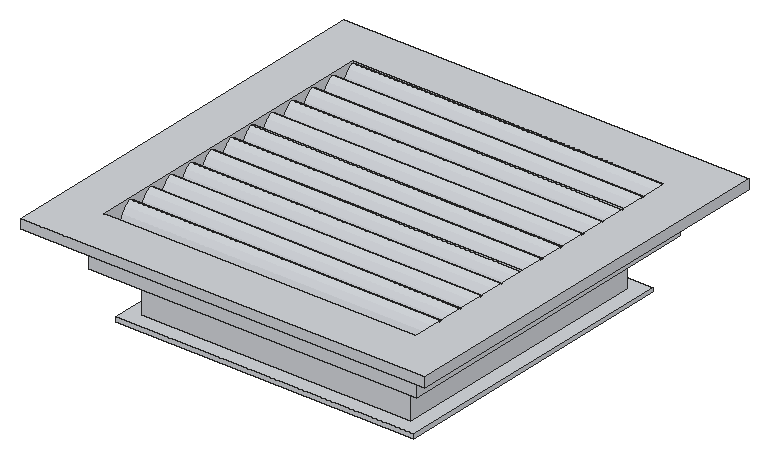
Revit family "E-1", category Air Terminals, host Face, Revit 2025
Family settings
  Host = Face
  Round Connector Dimension = Use Diameter
  Part Type = Normal
  Cut with Voids When Loaded = Yes
  Maintain Annotation Orientation = No
  Shared = No
  Room Calculation Point = No
Parameters (values of type "23RL")
  x = [S - 1 3/4"] - 1"  # 9 1/4"
  URL = "https://www.titus-hvac.com/products/Grilles/23RL"
  Type Comments = ""
  S - 3/4" = ([S - 1 3/4"] - 3/4") / 2  # 4 3/4"
  S = 12"
  Model = "23RL"
  Manufacturer = "TITUS"
  Flow [instance] = 1200 CFM
  D' [instance] = D / 2  # 4"
  S - 1/2" = ([S - 1 3/4"] - 1/2") / 2  # 4 7/8"
  S + 1 3/4" = ([S - 1 3/4"] + 1 3/4") / 2  # 6"
  S - 1 3/4" = S - 1 3/4"  # 10 1/4"
  Default Elevation = 48"
  D [instance] = 8"
  Blade Count = rounddown([S - 1 3/4"] / (3/4")) - 1  # 12
Reference planes (in)
  plane 1 "Center (Front/Back)": y = 0
  plane 2: z = 0
  plane 3 "Center (Left/Right)": x = 0
  plane 4: y = 4.625
  plane 5: y = -4.625
  plane 6: x = 0
  plane 7: y = 0
  plane 8: x = -4.625
  plane 9: x = 4.625
Forms (in)
  Sweep 1, solid, detail levels medium+fine
    path origin (0, 0, 0) x (1, 0, 0) y (0, 1, 0)
      loop
        line (-5.125, 5.125) -> (-5.125, -5.125) -> (5.125, -5.125) -> (5.125, 5.125) -> (-5.125, 5.125)
    profile origin (0, 5.125, 0) x (0, 1, 0) y (0, 0, 1)
      loop
        line (-0.5, 0.125) -> (-0.5, -1.125) -> (-0.375, -1.125) -> (-0.375, 0) -> (0.75, 0) -> (0.75, -0.15671) -> (0.875, -0.15671) -> (0.875, 0.125) -> (-0.5, 0.125)
      loop
        line (-0.33748, -0.875) -> (-0.33748, -1.17973) -> (-1.25, -1.17973) -> (-1.25, -2.75) -> (-0.69819, -2.75) -> (-0.69819, -2.625) -> (-1.125, -2.625) -> (-1.125, -1.30473) -> (-0.25, -1.30473) -> (-0.25, -0.875) -> (-0.33748, -0.875)
  Extrusion 2, void
    sketch origin (0, 0, 0) x (1, 0, 0) y (0, 1, 0)
      loop
        line (-4.625, 4.625) -> (-4.625, -4.625) -> (4.625, -4.625) -> (4.625, 4.625) -> (-4.625, 4.625)
    from -0.875 to 0.37471
Lines and regions (in)
  symbolic lines, not visible
    curve 1: line (-18.4983, 15.79612, 0) -> (19.7517, 15.79612, 0)
    curve 2: line (-18.4983, -20.95388, 0) -> (-18.4983, 15.79612, 0)
    curve 3: line (19.7517, -20.95388, 0) -> (-18.4983, -20.95388, 0)
    curve 4: line (19.7517, 15.79612, 0) -> (19.7517, -20.95388, 0)
Dimensions and locks (in)
  equal spacing: Sweep 1 sketch curve, plane 3 "Center (Left/Right)", Sweep 1 sketch curve
  equal spacing: Sweep 1 sketch curve, plane 1 "Center (Front/Back)", Sweep 1 sketch curve
  "S - 1 3/4"": Sweep 1 sketch curve to Sweep 1 sketch curve  (x2)
  "S - 3/4"": plane 1 "Center (Front/Back)" to Sweep 1 sketch curve
  "S - 1/2"": plane 1 "Center (Front/Back)" to Sweep 1 sketch curve
  "S + 1 3/4"": plane 1 "Center (Front/Back)" to Sweep 1 sketch curve
  Sweep 1 sketch curve to plane 2 = 1 1/8"
  Sweep 1 sketch curve to Sweep 1 sketch curve = 2 7/8"
  "D'": plane 1 "Center (Front/Back)" to Sweep 1 sketch curve
  Sweep 1 sketch curve to Sweep 1 sketch curve = 1/8"  (x5)
  Sweep 1 sketch curve to Sweep 1 sketch curve = 0.28171"
  equal spacing: plane 5, plane 1 "Center (Front/Back)", plane 4
  "x": plane 5 to plane 4
  equal spacing: plane 8, plane 3 "Center (Left/Right)", plane 9
  aligned and locked: plane 2 to host face
  aligned and locked: level to host face
  aligned and locked: nested 1 to plane 4
  aligned and locked: plane 5 to nested 1
  aligned and locked: plane 1 "Center (Front/Back)" to nested 2
  aligned and locked: plane 5 to Extrusion 2
  aligned and locked: plane 4 to Extrusion 2
  aligned and locked: plane 9 to Sweep 1
  aligned and locked: Extrusion 2 to plane 8
  aligned and locked: Extrusion 2 to plane 9
Automatic sketch dimensions
  host sketch curve to host sketch curve = 96"  (x2)
  Extrusion 2 sketch curve to plane 3 "Center (Left/Right)" = 4 5/8"
  plane 3 "Center (Left/Right)" to Extrusion 2 sketch curve = 4 5/8"
  plane 1 "Center (Front/Back)" to Extrusion 2 sketch curve = 4 5/8"
  Extrusion 2 sketch curve to plane 1 "Center (Front/Back)" = 4 5/8"
  Sweep 1 sketch curve to level = 0"
  Sweep 1 sketch curve to Sweep 1 sketch curve = 0.42681"
  Sweep 1 sketch curve to Sweep 1 sketch curve = 0.08748"
  Sweep 1 sketch curve to Sweep 1 sketch curve = 1/8"
  Sweep 1 sketch curve to level = 1.30473"
  Sweep 1 sketch curve to Sweep 1 sketch curve = 1/4"
Nested families (in)
  nested 1: "Blades" at (0, 4.625, -0.88439) x (0, -1, 0) z (0, 0, 1), type "Family2", detail levels medium+fine
    with Width 9 1/4", built-in parameter 1001306 0.77083 (stored number, unit not read), Count 12
  nested 2: "Family4" at (0, 0, 0), type "Family4", detail levels coarse
    with Size 12"
Connectors (in)
  hvac at (0, 0, -2.75), driven by "D", driven by "D", driven by "Flow"
    settings: on Sweep 1, index 1, duct flow 1200 CFM, flow factor 0, pres drop 0.00 in-wg, loss coef 0, conn angle 0.00°, conn width 8", conn height 8", conn diameter 24", duct sys type 2, conn prof type 1, flow config 1, flow direction 1, loss method 4, conn ref index -1, conn util no, is conn primary yes, conn desc ""
Definition of nested family "Blades"
  Parameters (values of type "Family2")
    Width [instance] = 27.05847"
    built-in parameter 1001306 [instance] = Width  # 27.05847"
    Default Elevation = 0"
    Count [instance] = round([built-in parameter 1001306] / (3/4"))  # 36
  Reference planes (in)
    plane 1 "Center (Front/Back)": y = 0
    plane 2: z = 0
    plane 3 "Left": x = 0
    plane 4 "Right": x = 27.05847
    plane 5: x = 27.05847
  Lines and regions (in)
    reference lines
      curve 1: line (0, 0, 0) -> (27.05847, 0, 0)
  Dimensions and locks (in)
    "built-in parameter 1001306": plane 3 "Left" to plane 4 "Right"
    equal spacing: group 1, group 2, group 3, group 4, group 5, group 6, group 7, group 8, group 9, group 10, group 11, group 12, group 13, group 14, group 15, group 16, group 17, group 18, group 19, group 20, group 21, group 22, group 23, group 24, group 25, group 26, group 27, group 28, group 29, group 30, group 31, group 32, group 33, group 34, group 35, group 36  (x3)
    aligned and locked: plane 4 "Right" to curve 1
    aligned and locked: plane 1 "Center (Front/Back)" to curve 1
    aligned and locked: plane 3 "Left" to curve 1
    aligned and locked: level to plane 2
    aligned and locked: plane 5 to plane 4 "Right"
  Nested families (in)
    nested 1: "Family3" at (0, 0, 0) x (0, 1, 0) z (0, 0, 1), type "Family3"
      with Width 27.05847"
    nested 2: "Family3" at (0.75, 0, 0) x (0, 1, 0) z (0, 0, 1), type "Family3"
      with Width 27.05847"
    nested 3: "Family3" at (1.5, 0, 0) x (0, 1, 0) z (0, 0, 1), type "Family3"
      with Width 27.05847"
    nested 4: "Family3" at (2.25, 0, 0) x (0, 1, 0) z (0, 0, 1), type "Family3"
      with Width 27.05847"
    nested 5: "Family3" at (3, 0, 0) x (0, 1, 0) z (0, 0, 1), type "Family3"
      with Width 27.05847"
    nested 6: "Family3" at (3.75, 0, 0) x (0, 1, 0) z (0, 0, 1), type "Family3"
      with Width 27.05847"
    nested 7: "Family3" at (4.5, 0, 0) x (0, 1, 0) z (0, 0, 1), type "Family3"
      with Width 27.05847"
    nested 8: "Family3" at (5.25, 0, 0) x (0, 1, 0) z (0, 0, 1), type "Family3"
      with Width 27.05847"
    nested 9: "Family3" at (6, 0, 0) x (0, 1, 0) z (0, 0, 1), type "Family3"
      with Width 27.05847"
    nested 10: "Family3" at (6.75, 0, 0) x (0, 1, 0) z (0, 0, 1), type "Family3"
      with Width 27.05847"
    nested 11: "Family3" at (7.5, 0, 0) x (0, 1, 0) z (0, 0, 1), type "Family3"
      with Width 27.05847"
    nested 12: "Family3" at (8.25, 0, 0) x (0, 1, 0) z (0, 0, 1), type "Family3"
      with Width 27.05847"
    nested 13: "Family3" at (9, 0, 0) x (0, 1, 0) z (0, 0, 1), type "Family3"
      with Width 27.05847"
    nested 14: "Family3" at (9.75, 0, 0) x (0, 1, 0) z (0, 0, 1), type "Family3"
      with Width 27.05847"
    nested 15: "Family3" at (10.5, 0, 0) x (0, 1, 0) z (0, 0, 1), type "Family3"
      with Width 27.05847"
    nested 16: "Family3" at (11.25, 0, 0) x (0, 1, 0) z (0, 0, 1), type "Family3"
      with Width 27.05847"
    nested 17: "Family3" at (12, 0, 0) x (0, 1, 0) z (0, 0, 1), type "Family3"
      with Width 27.05847"
    nested 18: "Family3" at (12.75, 0, 0) x (0, 1, 0) z (0, 0, 1), type "Family3"
      with Width 27.05847"
    nested 19: "Family3" at (13.5, 0, 0) x (0, 1, 0) z (0, 0, 1), type "Family3"
      with Width 27.05847"
    nested 20: "Family3" at (14.25, 0, 0) x (0, 1, 0) z (0, 0, 1), type "Family3"
      with Width 27.05847"
    nested 21: "Family3" at (15, 0, 0) x (0, 1, 0) z (0, 0, 1), type "Family3"
      with Width 27.05847"
    nested 22: "Family3" at (15.75, 0, 0) x (0, 1, 0) z (0, 0, 1), type "Family3"
      with Width 27.05847"
    nested 23: "Family3" at (16.5, 0, 0) x (0, 1, 0) z (0, 0, 1), type "Family3"
      with Width 27.05847"
    nested 24: "Family3" at (17.25, 0, 0) x (0, 1, 0) z (0, 0, 1), type "Family3"
      with Width 27.05847"
    nested 25: "Family3" at (18, 0, 0) x (0, 1, 0) z (0, 0, 1), type "Family3"
      with Width 27.05847"
    nested 26: "Family3" at (18.75, 0, 0) x (0, 1, 0) z (0, 0, 1), type "Family3"
      with Width 27.05847"
    nested 27: "Family3" at (19.5, 0, 0) x (0, 1, 0) z (0, 0, 1), type "Family3"
      with Width 27.05847"
    nested 28: "Family3" at (20.25, 0, 0) x (0, 1, 0) z (0, 0, 1), type "Family3"
      with Width 27.05847"
    nested 29: "Family3" at (21, 0, 0) x (0, 1, 0) z (0, 0, 1), type "Family3"
      with Width 27.05847"
    nested 30: "Family3" at (21.75, 0, 0) x (0, 1, 0) z (0, 0, 1), type "Family3"
      with Width 27.05847"
    nested 31: "Family3" at (22.5, 0, 0) x (0, 1, 0) z (0, 0, 1), type "Family3"
      with Width 27.05847"
    nested 32: "Family3" at (23.25, 0, 0) x (0, 1, 0) z (0, 0, 1), type "Family3"
      with Width 27.05847"
    nested 33: "Family3" at (24, 0, 0) x (0, 1, 0) z (0, 0, 1), type "Family3"
      with Width 27.05847"
    nested 34: "Family3" at (24.75, 0, 0) x (0, 1, 0) z (0, 0, 1), type "Family3"
      with Width 27.05847"
    nested 35: "Family3" at (25.5, 0, 0) x (0, 1, 0) z (0, 0, 1), type "Family3"
      with Width 27.05847"
    nested 36: "Family3" at (26.25, 0, 0) x (0, 1, 0) z (0, 0, 1), type "Family3"
      with Width 27.05847"
  Definition of nested family "Family3"
    Parameters
      Width = 51.16047"
      Default Elevation = 0"
    Reference planes (in)
      plane 1 "Center (Front/Back)": y = 0
      plane 2: z = 0
      plane 3 "Center (Left/Right)": x = 0
      plane 4: x = -25.58024
      plane 5: x = 25.58024
      plane 6: y = 0.48061
      plane 7: y = 0
    Forms (in)
      Extrusion 1, solid
        sketch origin (0, 0, 0) x (0, 1, 0) y (0, 0, 1)
          loop
            spline (0, 0.97814) -> (0.06956, 0.94089) -> (0.13307, 0.8956) -> (0.19053, 0.84226) -> (0.24194, 0.78087) -> (0.28731, 0.71143) -> (0.32662, 0.63394) -> (0.35989, 0.54841) -> (0.38711, 0.45482) -> (0.40828, 0.35319) -> (0.4234, 0.24351) -> (0.43247, 0.12578) -> (0.4355, 0)
            line (0.4355, 0) -> (0.48061, 0)
            spline (0.48061, 0) -> (0.47971, 0.1242) -> (0.47254, 0.24097) -> (0.4591, 0.35031) -> (0.4394, 0.45221) -> (0.41343, 0.54669) -> (0.38119, 0.63374) -> (0.34268, 0.71336) -> (0.29791, 0.78555) -> (0.24686, 0.85031) -> (0.18956, 0.90763) -> (0.12598, 0.95753) -> (0.05613, 1)
            line (0.05613, 1) -> (0, 0.97814)
        from -25.58024 to 25.58024
    Dimensions and locks (in)
      equal spacing: plane 4, plane 3 "Center (Left/Right)", plane 5
      "Width": plane 4 to plane 5
      aligned and locked: plane 2 to level
      aligned and locked: Extrusion 1 to plane 4
      aligned and locked: Extrusion 1 to plane 5
      aligned and locked: plane 6 to Extrusion 1
    Automatic sketch dimensions
      Extrusion 1 sketch curve to plane 1 "Center (Front/Back)" = 0"
      Extrusion 1 sketch curve to level = 0"
      Extrusion 1 sketch curve to plane 1 "Center (Front/Back)" = 0.05613"
      Extrusion 1 sketch curve to plane 1 "Center (Front/Back)" = 0.4355"
      Extrusion 1 sketch curve to Extrusion 1 sketch curve = 0.04511"
      level to Extrusion 1 sketch curve = 0.97814"
      Extrusion 1 sketch curve to Extrusion 1 sketch curve = 0.02186"
Definition of nested family "Family4"
  Parameters
    Size = 24"
    Default Elevation = 0"
  Reference planes (in)
    plane 1 "Center (Front/Back)": y = 0
    plane 2: z = 0
    plane 3 "Center (Left/Right)": x = 0
  Lines and regions (in)
    symbolic lines
      curve 1: line (-12, 12, 0) -> (12, 12, 0)
      curve 2: line (-12, -12, 0) -> (-12, 12, 0)
      curve 3: line (12, -12, 0) -> (-12, -12, 0)
      curve 4: line (12, 12, 0) -> (12, -12, 0)
      curve 5: line (-12, 12, 0) -> (12, -12, 0)
  Dimensions and locks (in)
    equal spacing: curve 2, plane 3 "Center (Left/Right)", curve 4
    equal spacing: curve 3, plane 1 "Center (Front/Back)", curve 1
    "Size": curve 3 to curve 1
    "Size": curve 2 to curve 4
    aligned and locked: plane 2 to level
